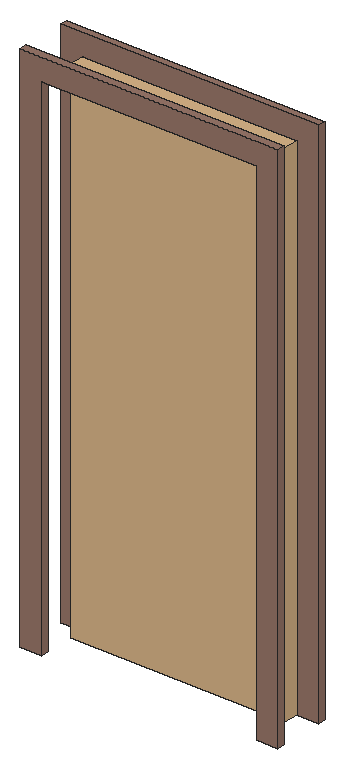
Revit family "auto-Door", category 门, Revit 2020
Family settings
  主体 = 墙
  OmniClass 编号 = 23.30.10.00
  OmniClass 标题 = Doors
  总是垂直 = 是
  加载时剪切的空心 = 否
  共享 = 否
  房间计算点 = 否
Parameters (values of type "750 x 1800mm")
  热阻(R) = 0.270117 (m²·K)/W
  定义热属性方式 = 示意图类型
  Visual Light Transmittance = 0
  贴面宽度 = 76.00 mm
  贴面投影内部 = 25.00 mm
  贴面投影外部 = 25.00 mm
  厚度 = 51.00 mm
  Solar Heat Gain Coefficient = 0
  构造类型 ID = "MDOOR"
  高度 = 1800.00 mm
  墙闭合 = 按主体
  宽度 = 750.00 mm
  传热系数(U) = 3.7021 W/(m²·K)
  功能 = 内部
  框架材质 = 门 - 框架
  门材质 = 门 - 嵌板
  分析构造 = "金属"
Types (4, lengths in mm): name | 高度 | 宽度
  750 x 1800mm | 1800.00 | 750.00
  750 x 2000mm | 2000.00 | 750.00
  600 x 2000mm | 2000.00 | 600.00
  600 x 1800mm | 1800.00 | 600.00
Reference planes
  plane 1: y = 0
  plane 2: z = 0
  plane 3: x = 0
  plane 4: x = -375
  plane 5: x = 375
  plane 6: z = 1800
Forms (mm)
  Extrusion 1, solid, material "门 - 嵌板" <- "门材质"
    sketch origin (0, 0, 0) x (1, 0, 0) y (0, 0, 1)
      loop
        line (-375, 1800) -> (-375, 0) -> (375, 0) -> (375, 1800) -> (-375, 1800)
    from -76.2 to -25.2
  Extrusion 2, solid, material "门 - 框架" <- "框架材质"
    sketch origin (-1524, -76.2, 0) x (1, 0, 0) y (0, 0, 1)
      loop
        line (1073, 1876) -> (1073, 0) -> (1149, 0) -> (1149, 1800) -> (1899, 1800) -> (1899, 0) -> (1975, 0) -> (1975, 1876) -> (1073, 1876)
    from 0 to 25
  Extrusion 3, solid, material "门 - 框架" <- "框架材质"
    sketch origin (-1524, 76.2, 0) x (-1, 0, 0) y (0, 0, 1)
      loop
        line (-1975, 1876) -> (-1975, 0) -> (-1899, 0) -> (-1899, 1800) -> (-1149, 1800) -> (-1149, 0) -> (-1073, 0) -> (-1073, 1876) -> (-1975, 1876)
    from 0 to 25
Lines and regions (mm)
  Opening 1
    outline origin (-1524, -76.2, 3657.6) x (0, 0, -1) y (1, 0, 0)
      loop
        line (1857.6, 1149) -> (3657.6, 1149) -> (3657.6, 1899) -> (1857.6, 1899) -> (1857.6, 1149)
  symbolic lines, style "DoorsPanelProjection"
    curve 1: line (375, 76.2, 0) -> (324, 76.2, 0)
    curve 2: line (375, 76.2, 0) -> (375, 826.159, 0)
    curve 3: line (375, 826.159, 0) -> (324, 826.159, 0)
    curve 4: line (324, 76.2, 0) -> (324, 826.159, 0)
  model lines, style "DoorsFrameMullionProjection"
    curve 5: line (-451, -76.2, 0) -> (-451, -76.2, 1876)
    curve 6: line (-451, -76.2, 1876) -> (451, -76.2, 1876)
    curve 7: line (451, -76.2, 1876) -> (451, -76.2, 0)
    curve 8: line (451, 76.2, 0) -> (451, 76.2, 1876)
    curve 9: line (-451, 76.2, 1876) -> (451, 76.2, 1876)
    curve 10: line (-451, 76.2, 1876) -> (-451, 76.2, 0)
  symbolic lines, style "平面打开方向"
    curve 11: arc (324, 826.159, 0) -> (-174.261, 589.378, 0) -> (-376.691, 76.2, 0) r 751.691
  symbolic lines, style "立面打开方向"
    curve 12: line (-375, 0, 1800) -> (375, 0, 900)
    curve 13: line (375, 0, 900) -> (-375, 0, 0)
Dimensions and locks
  equal spacing: plane 4, plane 3, plane 5
  "宽度": plane 4 to plane 5
  locked: host wall to curve 1
  control icon elem to plane 5 = 179.408 mm
  "高度": plane 6 to plane 2
  "贴面宽度": plane 4 to curve 5
  "贴面宽度": plane 5 to curve 7
  "贴面宽度": plane 6 to curve 6
  locked: curve 9 to host wall
  "贴面投影外部": Extrusion 3 to host wall
  "贴面投影内部": Extrusion 2 to host wall
  "厚度": curve 4 to plane 5
  "厚度": Extrusion 1 to host wall
  equal spacing: plane 6, curve 13, level
  aligned and locked: host wall to Extrusion 1
  aligned and locked: plane 2 to curve 5
  aligned and locked: curve 7 to level
  aligned and locked: curve 8 to curve 7
  aligned and locked: curve 6 to Extrusion 2 sketch curve
  aligned and locked: Extrusion 2 sketch curve to curve 5
  aligned and locked: Extrusion 2 sketch curve to curve 7
  aligned and locked: Extrusion 2 to Extrusion 3 sketch curve
  aligned and locked: Extrusion 3 sketch curve to Extrusion 2  (x2)
Automatic sketch dimensions
  Opening 1 sketch curve to plane 6 = 0.00 mm
  Opening 1 sketch curve to level = 0.00 mm
  Opening 1 sketch curve to plane 4 = 0.00 mm
  Opening 1 sketch curve to plane 5 = 0.00 mm
  Extrusion 1 sketch curve to plane 4 = 0.00 mm
  Extrusion 1 sketch curve to plane 5 = 0.00 mm
  Extrusion 1 sketch curve to level = 0.00 mm
  Extrusion 1 sketch curve to plane 6 = 0.00 mm
  Extrusion 2 sketch curve to level = 0.00 mm  (x2)
  Extrusion 2 sketch curve to plane 4 = 0.00 mm
  Extrusion 2 sketch curve to plane 5 = 0.00 mm
  Extrusion 2 sketch curve to plane 6 = 0.00 mm
  Extrusion 3 sketch curve to level = 0.00 mm  (x2)
  Extrusion 3 sketch curve to plane 5 = 0.00 mm
  Extrusion 3 sketch curve to plane 4 = 0.00 mm
  Extrusion 3 sketch curve to plane 6 = 0.00 mm
  curve 1 to plane 5 = 0.00 mm
  curve 11 to plane 5 = 0.00 mm
  plane 4 to curve 11 = 1.691 mm
  curve 11 to host wall = 0.00 mm
  curve 12 to plane 4 = 0.00 mm
  curve 12 to plane 6 = 0.00 mm
  curve 13 to plane 5 = 0.00 mm
  curve 10 to level = 0.00 mm
  curve 8 to level = 0.00 mm
  curve 13 to level = 0.00 mm
  curve 13 to plane 4 = 0.00 mm
  curve 9 to curve 5 = 0.00 mm
  curve 10 to curve 5 = 0.00 mm
